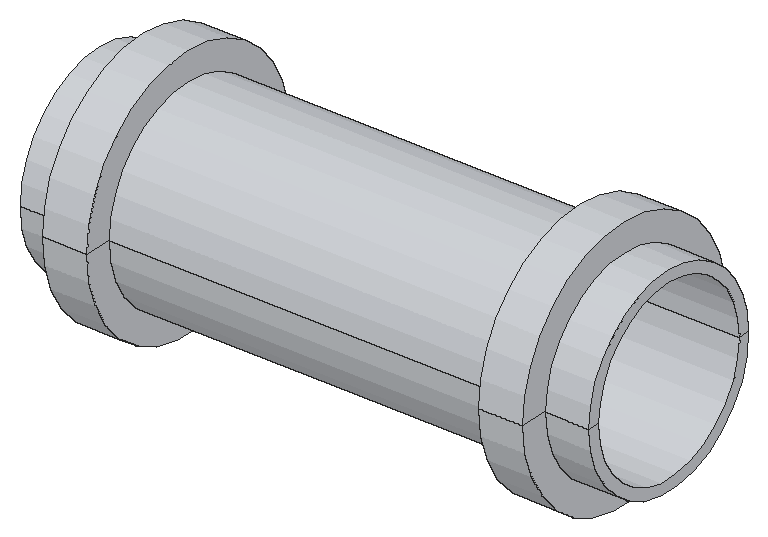
Revit family "Mufa dubla PP Reparatii", category Pipe Fittings, Revit 2019
Family settings
  Round Connector Dimension = Use Diameter
  Part Type = Union
  OmniClass Number = 23.60.30.11.14
  OmniClass Title = Pipework Fittings
  Work Plane-Based = No
  Always vertical = No
  Cut with Voids When Loaded = No
  Shared = No
Parameters
  URL = "https://www.teraplast.ro/"
  Revizie [instance] = 1
  Material [instance] = PP (Polipropilena)
  Manufacturer = "Teraplast"
  LookupTable [instance] = "Mufa-dubla-PP-Reparatii"
  L [instance] = size_lookup(LookupTable, "L", 0.00 mm, D)  # 103.00 mm
  Garnitura [instance] = 2
  Description = "Sistem de tevi si fitinguri din PP pentru canalizari interioare."
  D [instance] = 32.00 mm
  Cod Articol Teraplast [instance] = size_lookup(LookupTable, "", "n/a", D)  # "FPPMC032XX032IGR"
Reference planes
  plane 1 "Center (Front/Back)": y = 0
  plane 2: z = 0
  plane 3 "Center (Left/Right)": x = 0
  plane 4: x = -51.5
  plane 5: x = 51.5
  plane 6: y = -16
  plane 7: y = 16
  plane 8 "1": x = -2
  plane 9 "2": x = 2
Forms (mm)
  Revolve 1, solid
    sketch origin (0, 0, 0) x (1, 0, 0) y (0, 1, 0)
      loop
        line (-51.5, -16) -> (-51.5, -18) -> (-43.5, -18) -> (-43.5, -23) -> (-35.5, -23) -> (-35.5, -18) -> (35.5, -18) -> (35.5, -23) -> (43.5, -23) -> (43.5, -18) -> (51.5, -18) -> (51.5, -16) -> (-51.5, -16)
      axis (51.5, 0) -> (-51.5, 0)
    angle from 0 to 360
Dimensions and locks
  equal spacing: plane 4, plane 3 "Center (Left/Right)", plane 5
  "L": plane 4 to plane 5
  equal spacing: plane 6, plane 1 "Center (Front/Back)", plane 7
  "D": plane 6 to plane 7
  plane 4 to Revolve 1 sketch curve to Revolve 1 sketch curve = 8.00 mm, 8.00 mm
  Revolve 1 sketch curve to plane 6 = 2.00 mm
  Revolve 1 sketch curve to Revolve 1 sketch curve = 5.00 mm
  Revolve 1 sketch curve to Revolve 1 sketch curve to plane 5 = 8.00 mm, 8.00 mm
  equal spacing: plane 8 "1", plane 3 "Center (Left/Right)", plane 9 "2"
  plane 8 "1" to plane 9 "2" = 4.00 mm
  aligned and locked: level to plane 2
  aligned and locked: Revolve 1 sketch curve to Revolve 1 sketch curve  (x3)
  aligned and locked: Revolve 1 sketch curve to plane 1 "Center (Front/Back)"
Automatic sketch dimensions
  Revolve 1 sketch curve to plane 4 = 0.00 mm
  Revolve 1 sketch curve to plane 5 = 0.00 mm
  plane 6 to Revolve 1 sketch curve = 0.00 mm
  Revolve 1 sketch curve to plane 4 = 1957.00 mm
  plane 5 to Revolve 1 sketch curve = 1957.00 mm
Connectors
  piping at (-2, 0, 0), diameter 32, driven by "D"
    settings: index 1, connector inside diameter 609.6 mm, connector length 0.00 mm, flow factor 0, pipe flow 0.0 L/s, pressure drop 0.0 Pa, fitting loss kfactor 0, connector angle 0.00°, fixture units 0, engagement length 0.00 mm, angle of deflection 0.00°, flow configuration 0, flow direction 0, fitting loss method 0, system type 16, joint type 0, gender type 0, connector reference index 2, connector utility 0, adjustable connector no, is connector primary yes, connector description ""
  piping at (2, 0, 0), diameter 32, driven by "D"
    settings: index 2, connector inside diameter 609.6 mm, connector length 0.00 mm, flow factor 0, pipe flow 0.0 L/s, pressure drop 0.0 Pa, fitting loss kfactor 0, connector angle 0.00°, fixture units 0, engagement length 0.00 mm, angle of deflection 0.00°, flow configuration 0, flow direction 0, fitting loss method 0, system type 16, joint type 0, gender type 0, connector reference index 1, connector utility 0, adjustable connector no, is connector primary no, connector description ""
